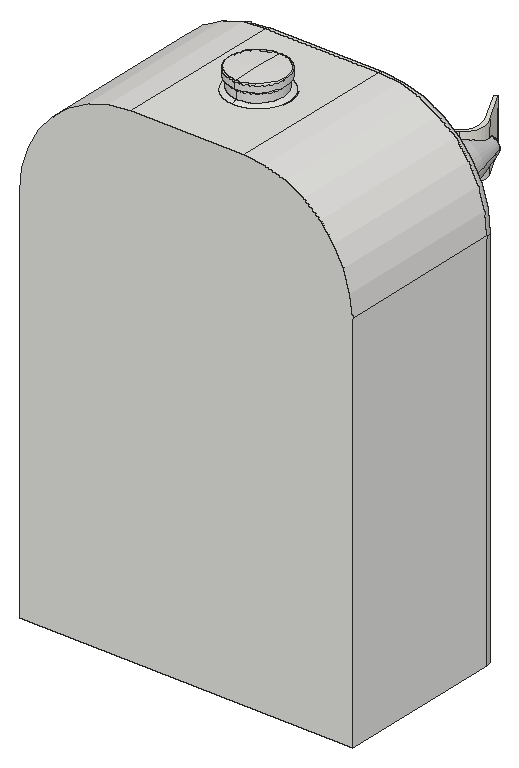
Revit family "Single_Fountain_Non-Filtered_Non-Refrigerated_Stainless-EDFP214C", category Plumbing Fixtures, host Face, Revit 2022
Family settings
  Host = Face
  Round Connector Dimension = Use Diameter
  Part Type = Normal
  OmniClass Number = 23.65.70.14.11
  OmniClass Title = Drinking Fountains/Coolers
  Cut with Voids When Loaded = No
  Maintain Annotation Orientation = No
  Shared = No
  Room Calculation Point = No
Parameters (values of type "EDFP214C (Single Fountain Non-Filtered Non-Refrigerated Stainless)")
  Waste Connection = no
  Ventilation Angle = 83.99°
  Outlet connection Size (inch) = 1.25"
  Inlet Connection Size (inch) = "0.375"
  Connection Outlet B = 0.25"
  Vent Connection = no
  URL = "https://www.elkay.com/us/en.html"
  Connection Supply A = 0.38"
  Repair Parts URL = "https://www.elkayfiles.com/care-cleaning-install-warranty-sheets/97156c.pdf"
  Product data URL = "https://www.bimobject.com/en-in/elkay/product/edfp214c"
  Product Weight (lbs) = 14
  Product Page URL = "https://www.elkay.com/products/details/edfp214c"
  Product Installation Sheet URL = "https://www.elkayfiles.com/care-cleaning-install-warranty-sheets/97156c.pdf"
  Product Documentation Link = "https://www.elkayfiles.com/spec-sheets/edfp214c_spec.pdf"
  Mounting Type = "Wall Mount (Inwall Frame/Plate)"
  Model = "EDFP214C"
  Manufacturer Brand = "Elkay (by Zurn Elkay Water Solutions)"
  Manufacturer = "Elkay Manufacturer Company"
  Main Material = Finish-Elkay-Stainless Steel
  Installation Location = "Indoor"
  HW Connection = no
  Dimensions (L x W x H) = "12 1/8 inch x 18 3/4 inch x 6 1/2 inch"
  Description = "Soft Sides® Single ADA Fountain Non-Filtered Non-Refrigerated Stainless"
  Default Elevation = 48.00"
  Date Created = "11/20/2025"  # constant formula
  Basing_Height = 6.50"
  Base_Height = 27.00"
  Chilling Capacity (GPH) = "0"
  CW Connection = no
  Assembly Code = "D2010"
  Approx. Shipping Weight (lbs) = 16
  Activation Method = "Mechanical Front Bubbler Button"
Reference planes (in)
  plane 1 "Center (Front/Back)": y = 0
  plane 2: z = 0
  plane 3 "Center (Left/Right)": x = 0
  plane 4: z = -1.125
  plane 5: z = 18.21
  plane 6: z = 12.47239
  plane 7: z = 13.45
  plane 8: z = 19.18736
  plane 9: x = -9.875
  plane 10: x = 9.875
  plane 11: y = 27
  plane 12: z = -12
  plane 13: z = -5
  plane 14: z = -3
  plane 15: y = 33.5
Lines and regions (in)
  Masking region 1
    outline origin (0, 0, 0) x (1, 0, 0) y (0, 0, 1)
      loop
        line (6.0625, 0) -> (6.0625, 14.05562)
        arc (6.0625, 14.05562) -> (4.90722, 16.84472) -> (2.11812, 18) r 3.94438
        line (2.11812, 18) -> (1.205, 18) -> (1.205, 18.76178) -> (-1.17, 18.76178) -> (-1.17, 18) -> (-2.03875, 18)
        arc (-2.03875, 18) -> (-4.88397, 16.82147) -> (-6.0625, 13.97625) r 4.02375
        line (-6.0625, 13.97625) -> (-6.0625, 0) -> (6.0625, 0)
  Masking region 2
    outline origin (-40.11393, -5, 48) x (-1, 0, 0) y (0, 0, 1)
      loop
        spline (-41.99255, -30.47586) -> (-42.01154, -30.47589) -> (-42.03053, -30.47598) -> (-42.04952, -30.47611) -> (-42.06851, -30.47631) -> (-42.0875, -30.47656) -> (-42.10648, -30.47686) -> (-42.12547, -30.47723) -> (-42.14446, -30.47764) -> (-42.16344, -30.47811) -> (-42.18242, -30.47864) -> (-42.2014, -30.47923) -> (-42.22038, -30.47987)
        spline (-42.22038, -30.47987) -> (-42.36107, -30.48749) -> (-42.50137, -30.50048) -> (-42.64108, -30.5188) -> (-42.77998, -30.54243) -> (-42.91789, -30.57134) -> (-43.05459, -30.60547) -> (-43.18989, -30.6448) -> (-43.3236, -30.68924) -> (-43.45552, -30.73876) -> (-43.58545, -30.79326) -> (-43.71322, -30.85267) -> (-43.83862, -30.9169)
        arc (-43.83862, -30.9169) -> (-45.14153, -32.05104) -> (-45.82513, -33.6374) r 3.89107
        spline (-45.82513, -33.6374) -> (-45.83328, -33.68301) -> (-45.84086, -33.72871) -> (-45.84788, -33.7745) -> (-45.85432, -33.82037) -> (-45.8602, -33.86632) -> (-45.86551, -33.91234) -> (-45.87025, -33.95843) -> (-45.87441, -34.00456) -> (-45.87801, -34.05075) -> (-45.88103, -34.09698) -> (-45.88347, -34.14324) -> (-45.88534, -34.18952)
        spline (-45.88534, -34.18952) -> (-45.88578, -34.20264) -> (-45.88617, -34.21576) -> (-45.88652, -34.22888) -> (-45.88684, -34.242) -> (-45.88712, -34.25512) -> (-45.88737, -34.26825) -> (-45.88757, -34.28137) -> (-45.88774, -34.29449) -> (-45.88787, -34.30762) -> (-45.88796, -34.32074) -> (-45.88802, -34.33387) -> (-45.88804, -34.34699)
        line (-45.88804, -34.34699) -> (-45.88804, -35.559)
        spline (-45.88804, -35.559) -> (-45.888, -35.59482) -> (-45.88764, -35.63064) -> (-45.88696, -35.66644) -> (-45.88596, -35.70225) -> (-45.88464, -35.73804) -> (-45.883, -35.77382) -> (-45.88103, -35.80958) -> (-45.87875, -35.84532) -> (-45.87615, -35.88104) -> (-45.87323, -35.91674) -> (-45.86999, -35.95241) -> (-45.86643, -35.98805)
        arc (-45.86643, -35.98805) -> (-44.59441, -38.45825) -> (-41.99906, -39.45025) r 3.89108
        line (-41.99906, -39.45025) -> (-37.74042, -39.45025)
        arc (-37.74042, -39.45025) -> (-35.59955, -38.71534) -> (-34.36143, -36.82049) r 3.48572
        spline (-34.36143, -36.82049) -> (-34.34796, -36.7507) -> (-34.33574, -36.68067) -> (-34.32478, -36.61043) -> (-34.31508, -36.54001) -> (-34.30664, -36.46941) -> (-34.29947, -36.39868) -> (-34.29357, -36.32782) -> (-34.28894, -36.25687) -> (-34.28558, -36.18584) -> (-34.28349, -36.11477) -> (-34.28268, -36.04367) -> (-34.28314, -35.97256)
        line (-34.28314, -35.97256) -> (-34.28314, -34.44587)
        spline (-34.28314, -34.44587) -> (-34.28318, -34.4249) -> (-34.28327, -34.40394) -> (-34.28343, -34.38298) -> (-34.28365, -34.36202) -> (-34.28394, -34.34105) -> (-34.28429, -34.32009) -> (-34.2847, -34.29913) -> (-34.28518, -34.27818) -> (-34.28572, -34.25722) -> (-34.28632, -34.23627) -> (-34.28699, -34.21531) -> (-34.28772, -34.19436)
        spline (-34.28772, -34.19436) -> (-34.34006, -33.71381) -> (-34.45146, -33.24343) -> (-34.6202, -32.79044) -> (-34.84369, -32.36181) -> (-35.1185, -31.96413) -> (-35.44041, -31.6035) -> (-35.80446, -31.28548) -> (-36.20506, -31.01494) -> (-36.63606, -30.79605) -> (-37.09083, -30.63216) -> (-37.56238, -30.52581) -> (-38.04347, -30.47862)
        spline (-38.04347, -30.47862) -> (-38.05948, -30.47818) -> (-38.07549, -30.47778) -> (-38.09151, -30.47741) -> (-38.10753, -30.47709) -> (-38.12354, -30.4768) -> (-38.13956, -30.47655) -> (-38.15558, -30.47634) -> (-38.1716, -30.47617) -> (-38.18762, -30.47604) -> (-38.20363, -30.47594) -> (-38.21965, -30.47588) -> (-38.23567, -30.47586)
        line (-38.23567, -30.47586) -> (-41.99255, -30.47586)
  Masking region 3
    outline origin (-40.11393, -5, 48) x (-1, 0, 0) y (0, 0, 1)
      loop
        circle (-40.11393, -37.08239) r 1.02478
      loop
        circle (-44.09143, -32.937) r 0.89696
Dimensions and locks (in)
  equal spacing: plane 9, plane 3 "Center (Left/Right)", plane 10
  locked: plane 9 to plane 10 at 19.75
  locked: level to plane 12 at 12
  locked: level to plane 4 at 1.125
  locked: level to plane 14 at 3
  "Base_Height": plane 11 to plane 1 "Center (Front/Back)"
  "Basing_Height": plane 15 to plane 11
  locked: Masking region 1 sketch curve to Masking region 1 sketch curve at 2.375
  locked: Masking region 1 sketch curve to plane 8 at 0.42558
  aligned and locked: plane 2 to host face
  aligned and locked: level to host face
  aligned and locked: plane 1 "Center (Front/Back)" to host face
  aligned and locked: nested 1 to plane 11
  aligned and locked: plane 3 "Center (Left/Right)" to nested 1
  aligned and locked: host face to nested 1
  aligned and locked: nested 1 to Masking region 1 sketch curve  (x2)
  aligned and locked: Masking region 1 sketch curve to nested 1  (x3)
  aligned and locked: host face to Masking region 1 sketch curve
  aligned and locked: Masking region 2 sketch curve to nested 1
  aligned and locked: nested 1 to Masking region 2 sketch curve
  aligned and locked: Masking region 3 sketch curve to nested 1  (x4)
  aligned and locked: nested 1 to nested 2  (x2)
  aligned and locked: nested 2 to nested 1
Automatic sketch dimensions
  host sketch curve to host sketch curve = 96.00"
  host sketch curve to host sketch curve = 100.00"
  Masking region 2 sketch curve to Masking region 2 sketch curve = 0.22783"
  Masking region 2 sketch curve to plane 10 = 1.61445"
  Masking region 2 sketch curve to Masking region 2 sketch curve = 0.004"
  Masking region 2 sketch curve to Masking region 2 sketch curve = 1.61824"
  plane 7 to Masking region 2 sketch curve = 0.37539"
  Masking region 2 sketch curve to plane 3 "Center (Left/Right)" = 1.27969"
  Masking region 2 sketch curve to Masking region 2 sketch curve = 0.09177"
  Masking region 2 sketch curve to Masking region 2 sketch curve = 0.17106"
  plane 7 to Masking region 2 sketch curve = 0.9126"
  plane 7 to Masking region 2 sketch curve = 0.36048"
  Masking region 2 sketch curve to Masking region 2 sketch curve = 0.06022"
  Masking region 2 sketch curve to Masking region 2 sketch curve = 0.81819"
  Masking region 2 sketch curve to Masking region 2 sketch curve = 0.06193"
  Masking region 2 sketch curve to plane 6 = 0.03139"
  Masking region 2 sketch curve to Masking region 2 sketch curve = 0.15747"
  plane 3 "Center (Left/Right)" to Masking region 2 sketch curve = 1.20644"
  Masking region 2 sketch curve to Masking region 2 sketch curve = 0.9299"
  Masking region 2 sketch curve to Masking region 2 sketch curve = 0.02161"
  Masking region 2 sketch curve to Masking region 2 sketch curve = 0.087"
  Masking region 2 sketch curve to plane 6 = 0.04544"
  Masking region 2 sketch curve to Masking region 2 sketch curve = 0.1004"
  Masking region 2 sketch curve to plane 6 = 0.03156"
  Masking region 2 sketch curve to Masking region 2 sketch curve = 0.10718"
  Masking region 2 sketch curve to plane 6 = 0.43691"
  Masking region 2 sketch curve to plane 6 = 1.29288"
  Masking region 2 sketch curve to Masking region 2 sketch curve = 0.4253"
  Masking region 2 sketch curve to Masking region 2 sketch curve = 0.71424"
  Masking region 2 sketch curve to plane 6 = 0.44495"
  Masking region 2 sketch curve to Masking region 2 sketch curve = 0.07828"
  plane 7 to Masking region 2 sketch curve = 0.10413"
  plane 7 to Masking region 2 sketch curve = 0.10397"
  Masking region 2 sketch curve to Masking region 2 sketch curve = 0.53092"
  plane 3 "Center (Left/Right)" to Masking region 2 sketch curve = 0.67277"
  Masking region 2 sketch curve to Masking region 2 sketch curve = 0.00458"
  plane 3 "Center (Left/Right)" to Masking region 2 sketch curve = 1.08367"
  plane 7 to Masking region 2 sketch curve = 0.17463"
  Masking region 2 sketch curve to Masking region 2 sketch curve = 0.44236"
  Masking region 2 sketch curve to Masking region 2 sketch curve = 0.19221"
  Masking region 2 sketch curve to Masking region 2 sketch curve = 1.05119"
  Masking region 2 sketch curve to Masking region 2 sketch curve = 0.06995"
  Masking region 3 sketch curve to Masking region 3 sketch curve = 0.00"  (x4)
  Masking region 2 sketch curve to Masking region 2 sketch curve = 0.67873"
  plane 7 to Masking region 1 sketch curve = 0.52625"
  Masking region 1 sketch curve to Masking region 1 sketch curve = 0.91312"
Nested families (in)
  nested 1: "EDFP214C" at (0, 27, 10.91761) x (1, 0, 0) z (0, 1, 0), type "EDFP210C"
    with Material Finish-Elkay-Stainless Steel
  nested 2: "Soft side flexi bubbler" at (3.9775, 33.5, 15.063) x (1, 0, 0) z (0, 1, 0), type "Soft side flexi bubbler"
Connectors (in)
  piping at (3.9775, 28.76, 10.91761), diameter 0.38, driven by "Connection Supply A"
    settings: on nested 1, index 1, connector inside diameter 24", connector length 0.00", flow factor 0, pipe flow 0 GPM, pressure drop 0.00 psi, fitting loss kfactor 0, connector angle 0.00°, fixture units 0, engagement length 0.00", angle of deflection 0.00°, flow configuration 0, flow direction 1, fitting loss method 0, system type 20, joint type 0, gender type 0, connector reference index -1, connector utility 0, adjustable connector no, is connector primary yes, connector description "Water Inlet"
  piping at (0, 30.26, 10.66761), diameter 0.25, driven by "Connection Outlet B", driven by "Waste Connection"
    settings: on nested 1, index 2, connector inside diameter 24", connector length 0.00", flow factor 0, pipe flow 0 GPM, pressure drop 0.00 psi, fitting loss kfactor 0, connector angle 0.00°, fixture units 0, engagement length 0.00", angle of deflection 0.00°, flow configuration 0, flow direction 2, fitting loss method 0, system type 16, joint type 0, gender type 0, connector reference index -1, connector utility 0, adjustable connector no, is connector primary no, connector description "Sanitary Outlet"
Definition of nested family "EDFP214C"
  Parameters (values of type "EDFP210C")
    Width_Without_Bubbler = 18.00"
    Width = (Width_Without_Bubbler + Bubbler_Button)  # 18.75"
    Material [instance] = none
    Length = 12.125"
    Height = 6.50"
    Drain_Outlet_Height = 2.25"
    Drain_Loc_Y-Driection = 10.188"
    Drain_Loc_X-Direction = (Length / 2)  # 6.0625"
    Default Elevation = 48.00"
    Bubbler_Loc = 15.063"
    Bubbler_Button = 0.75"
  Reference planes (in)
    plane 1 "Center (Front/Back)": y = 0
    plane 2: z = 0
    plane 3 "Center (Left/Right)": x = 0
    plane 4: x = -6.0625
    plane 5: y = -7.08239
    plane 6: z = 6.19
    plane 7: z = 6.5
    plane 8: x = -1.17
    plane 9: x = -5.9725
    plane 10: x = 5.8875
    plane 11: y = -6.16261
    plane 12: z = 4.7793
    plane 13: x = 3.9775
    plane 14: z = 5.34815
    plane 15: x = -1.17
    plane 16: z = 3.26
    plane 17: z = 1.4
    plane 18: x = 6.0625
    plane 19: y = 10.91761
    plane 20: z = 6.46
    plane 21: x = 3.08054
    plane 22: x = 3.26254
    plane 23: y = -6.99239
    plane 24: y = 2.165
    plane 25: z = 4.83697
    plane 26: x = -1.04887
    plane 27: y = -8.06
    plane 28: z = 2.2285
    plane 29: y = -7.82659
    plane 30: y = -7.76248
    plane 31: z = 2.77607
    plane 32: z = 2.31926
    plane 33: y = -7.43283
    plane 34: z = 2.08701
    plane 35: y = -4.14539
    plane 36: through (3.9775, -4.37, 48) normal (-0.7071, -0.7071, 0)
    plane 37: y = 0.25
    plane 38: y = -7.83239
    plane 39: z = 1.76
  Forms (in)
    Extrusion 1, solid, detail levels coarse+medium
      sketch origin (0.74372, 0, 0) x (1, 0, 0) y (0, 1, 0)
        loop
          line (-6.80622, 10.91761) -> (-6.80622, -2.78989)
          arc (-6.80622, -2.78989) -> (-5.54897, -5.82514) -> (-2.51372, -7.08239) r 4.2925
          line (-2.51372, -7.08239) -> (0, -7.08239) -> (0.86128, -7.08239)
          arc (0.86128, -7.08239) -> (4.01321, -5.77681) -> (5.31878, -2.62489) r 4.4575
          line (5.31878, -2.62489) -> (5.31878, 10.91761) -> (-6.80622, 10.91761)
      from 0 to 6.5
    Sweep 2, solid
      path origin (0, 0, 0) x (1, 0, 0) y (0, 1, 0)
        loop
          line (-6.0625, 10.91761) -> (-6.0625, -3.03989)
          arc (-6.0625, -3.03989) -> (-4.87848, -5.89837) -> (-2.02, -7.08239) r 4.0425
          line (-2.02, -7.08239) -> (2.105, -7.08239)
          arc (2.105, -7.08239) -> (4.90338, -5.92326) -> (6.0625, -3.12489) r 3.9575
          line (6.0625, -3.12489) -> (6.0625, 10.91761)
      profile origin (-6.0625, 3.93886, 0) x (1, 0, 0) y (0, 0, 1)
        loop
          line (0, 6.15) -> (0, 0) -> (3.6875, 0) -> (3.6875, 6.46) -> (0.31, 6.46)
          arc (0.31, 6.46) -> (0.0908, 6.3692) -> (0, 6.15) r 0.31
    Extrusion 3, solid
      sketch origin (0, 0, 0) x (1, 0, 0) y (0, 1, 0)
        loop
          line (-2.375, 10.91761) -> (-2.375, -3.03989)
          arc (-2.375, -3.03989) -> (-2.27102, -3.29091) -> (-2.02, -3.39489) r 0.355
          line (-2.02, -3.39489) -> (2.105, -3.39489)
          arc (2.105, -3.39489) -> (2.29592, -3.3158) -> (2.375, -3.12489) r 0.27
          line (2.375, -3.12489) -> (2.375, 10.91761) -> (-2.375, 10.91761)
      from 0 to 6.46
    Blend 4, void
      base sketch origin (-0.07, 0, 0) x (1, 0, 0) y (0, 1, 0)
        loop
          arc (2, -6.99239) -> (4.79838, -5.83326) -> (5.9575, -3.03489) r 3.9575
          line (5.9575, -3.03489) -> (5.9575, -1.7925)
          arc (5.9575, -1.7925) -> (4.79838, 1.00588) -> (2, 2.165) r 3.9575
          line (2, 2.165) -> (-2.36, 2.165)
          arc (-2.36, 2.165) -> (-4.86493, 1.12743) -> (-5.9025, -1.3775) r 3.5425
          line (-5.9025, -1.3775) -> (-5.9025, -2.94989)
          arc (-5.9025, -2.94989) -> (-4.71848, -5.80837) -> (-1.86, -6.99239) r 4.0425
          line (-1.86, -6.99239) -> (2, -6.99239)
      top sketch origin (-0.07, 0, 0) x (1, 0, 0) y (0, 1, 0)
        loop
          arc (-1.03, 0) -> (-0.70782, -0.77782) -> (0.07, -1.1) r 1.1
          arc (0.07, -1.1) -> (0.84782, -0.77782) -> (1.17, 0) r 1.1
          arc (1.17, 0) -> (0.84782, 0.77782) -> (0.07, 1.1) r 1.1
          arc (0.07, 1.1) -> (-0.70782, 0.77782) -> (-1.03, 0) r 1.1
      from 6.5 to 4.7793
    Revolve 5, solid
      sketch origin (-12.61778, -4.14539, 48) x (-1, 0, 0) y (0, 0, 1)
        loop
          line (-16.59528, -41.5) -> (-16.59528, -42.65185) -> (-14.99278, -42.65185) -> (-15.69832, -41.59038)
          arc (-15.69832, -41.59038) -> (-15.77872, -41.52384) -> (-15.88033, -41.5) r 0.22845
          line (-15.88033, -41.5) -> (-16.59528, -41.5)
        axis (-16.59528, -41.5) -> (-16.59528, -42.65185)
      angle from 0 to 360
    Revolve 6, void
      sketch origin (0, 0, 0) x (1, 0, 0) y (0, 0, 1)
        loop
          arc (-1.09, 4.7793) -> (-1.04388, 4.7602) -> (-1.02478, 4.71408) r 0.06522
          line (-1.02478, 4.71408) -> (-1.02478, 1.4) -> (0, 1.4) -> (0, 4.7793) -> (-1.09, 4.7793)
        axis (0, 4.7793) -> (0, 1.4)
      angle from 0 to 360
    Revolve 7, solid
      sketch origin (0, 0, 0) x (1, 0, 0) y (0, 0, 1)
        loop
          arc (0, 4.83273) -> (-0.42243, 4.8394) -> (-0.8437, 4.80737) r 4.60891
          arc (-0.8437, 4.80737) -> (-0.95035, 4.78213) -> (-1.04887, 4.73411) r 0.49648
          line (-1.04887, 4.73411) -> (-1.04887, 4.55081) -> (0, 4.43898) -> (0, 4.83273)
        axis (0, 4.83273) -> (0, 4.43898)
      angle from 0 to 360
    Revolve 8, solid
      sketch origin (0, 0, 0) x (0, 1, 0) y (0, 0, 1)
        loop
          line (-7.76254, 2.2285) -> (-7.54319, 2.2285) -> (-7.54319, 2.77607) -> (-7.47907, 2.77607) -> (-7.47907, 2.34398)
          arc (-7.47907, 2.34398) -> (-7.47156, 2.32623) -> (-7.4536, 2.31926) r 0.02473
          line (-7.4536, 2.31926) -> (-7.14942, 2.31926)
          arc (-7.14942, 2.31926) -> (-7.11736, 2.19728) -> (-7.05615, 2.08701) r 0.50646
          line (-7.05615, 2.08701) -> (-6.995, 2.08701) -> (-6.995, 3.26) -> (-7.83239, 3.26)
          arc (-7.83239, 3.26) -> (-7.8339, 2.75812) -> (-7.79312, 2.25791) r 5.9504
          arc (-7.79312, 2.25791) -> (-7.78375, 2.23705) -> (-7.76254, 2.2285) r 0.0306
        axis (-6.995, 3.26) -> (-7.83239, 3.26)
      angle from 0 to 360
    Extrusion 9, solid, detail levels coarse+medium
      sketch origin (0, 0, 0) x (1, 0, 0) y (0, 0, 1)
        loop
          circle (0, 3.26) r 1.18016
      from 7.08239 to 7.83239
    Extrusion 10, solid
      sketch origin (0, 0, 0) x (1, 0, 0) y (0, 0, 1)
        loop
          circle (0, 3.26) r 0.625
        loop
          circle (3.9775, 1.76) r 0.1875
      from -0.25 to 0
  Cuts and joins
    Blend 4, Revolve 6 cuts Extrusion 1
    Blend 4, Revolve 6 cuts Sweep 2
    Blend 4, Revolve 6 cuts Extrusion 3
    joined: Sweep 2, Extrusion 3
  Dimensions and locks (in)
    plane 4 to plane 3 "Center (Left/Right)" = 6.0625"
    plane 1 "Center (Front/Back)" to plane 5 = 7.08239"
    locked: plane 6 to level at 6.19
    "Height": plane 7 to level
    locked: plane 16 to level at 3.26
    locked: plane 4 to plane 9 at 0.09
    locked: plane 10 to plane 13 at 1.91
    locked: plane 16 to plane 12 at 1.5193
    locked: plane 12 to plane 14 at 0.56885
    locked: plane 17 to level at 1.4
    "Length": plane 4 to plane 18
    locked: plane 13 to plane 18 at 2.085
    locked: plane 7 to plane 20 at 0.04
    locked: plane 22 to plane 21 at 0.182
    locked: plane 5 to plane 23 at 0.09
    locked: plane 25 to plane 12 at 0.05767
    locked: plane 26 to plane 15 at 0.12113
    locked: plane 17 to plane 28 at 0.8285
    locked: plane 28 to plane 31 at 0.54757
    locked: plane 28 to plane 32 at 0.09075
    locked: plane 17 to plane 34 at 0.68701
    locked: Revolve 6 sketch curve to Revolve 6 sketch curve at 1.02478
    locked: Revolve 6 sketch curve to Revolve 6 sketch curve at 3.31408
    locked: Revolve 6 sketch curve to Revolve 6 sketch curve at 0.06522
    locked: Revolve 6 sketch curve to Revolve 6 sketch curve at 1.09
    locked: Revolve 6 sketch curve to plane 15 at 0.14522
    "Bubbler_Loc": plane 19 to plane 35
    plane 19 to plane 1 "Center (Front/Back)" = 10.91761"
    locked: plane 1 "Center (Front/Back)" to plane 37 at 0.25
    "Width_Without_Bubbler": plane 19 to plane 5
    "Bubbler_Button": plane 5 to plane 38
    locked: plane 38 to plane 30 at 0.06991
    locked: plane 30 to plane 33 at 0.32965
    locked: Revolve 8 sketch curve to Revolve 8 sketch curve at 0.06412
    locked: plane 33 to Revolve 8 sketch curve at 0.43783
    locked: plane 16 to plane 39 at 1.5
    locked: plane 35 to plane 36 (angle 135.00°)
    aligned and locked: plane 2 to level
    aligned and locked: Extrusion 1 to level
    aligned and locked: Extrusion 3 sketch curve to Sweep 2
    aligned and locked: Extrusion 3 to level
    aligned and locked: Blend 4 to plane 7
    aligned and locked: cut or joined group of Extrusion 1, Blend 4, Revolve 6 to plane 12
    aligned and locked: plane 7 to cut or joined group of Extrusion 1, Blend 4, Revolve 6
    aligned and locked: cut or joined group of Extrusion 1, Blend 4, Revolve 6 to plane 17
    aligned and locked: plane 5 to Extrusion 9
    aligned and locked: Sweep 2 sketch curve to plane 18
    aligned and locked: Extrusion 1 sketch curve to plane 18
    aligned and locked: plane 4 to Extrusion 1 sketch curve
    aligned and locked: Extrusion 1 sketch curve to plane 5
    aligned and locked: plane 19 to Sweep 2 sketch curve  (x2)
    aligned and locked: Extrusion 1 sketch curve to plane 19
    aligned and locked: Extrusion 3 sketch curve to plane 19
    aligned and locked: Sweep 2 sketch curve to profile plane
    aligned and locked: plane 20 to Sweep 2 sketch curve
    aligned and locked: Sweep 2 sketch curve to level
    aligned and locked: Sweep 2 sketch curve to plane 4
    aligned and locked: Sweep 2 sketch curve to plane 5
    aligned and locked: Extrusion 3 sketch curve to cut or joined group of Sweep 2, Extrusion 3, Blend 4, Revolve 6
    aligned and locked: Revolve 5 sketch curve to plane 14
    aligned and locked: cut or joined group of Extrusion 1, Blend 4, Revolve 6 to Revolve 5 sketch curve
    aligned and locked: plane 21 to Revolve 5 sketch curve
    aligned and locked: plane 22 to Revolve 5 sketch curve
    aligned and locked: Revolve 5 sketch curve to plane 13
    aligned and locked: plane 1 "Center (Front/Back)" to Blend 4 sketch curve  (x3)
    aligned and locked: plane 9 to Blend 4 sketch curve
    aligned and locked: Blend 4 sketch curve to plane 10
    aligned and locked: Blend 4 sketch curve to plane 23
    aligned and locked: plane 24 to Blend 4 sketch curve
    aligned and locked: Blend 4 to plane 12
    aligned and locked: plane 26 to Revolve 7 sketch curve  (x2)
    aligned and locked: plane 16 to Revolve 8 sketch curve  (x2)
    aligned and locked: plane 28 to Revolve 8 sketch curve
    aligned and locked: Revolve 8 sketch curve to plane 31
    aligned and locked: plane 32 to Revolve 8 sketch curve
    aligned and locked: plane 34 to Revolve 8 sketch curve  (x2)
    aligned and locked: Revolve 6 sketch curve to plane 17
    aligned and locked: Revolve 6 sketch curve to plane 3 "Center (Left/Right)"
    aligned and locked: plane 3 "Center (Left/Right)" to Blend 4 sketch curve
    aligned and locked: Revolve 7 sketch curve to plane 3 "Center (Left/Right)"  (x2)
    aligned and locked: plane 1 "Center (Front/Back)" to Extrusion 10
    aligned and locked: plane 37 to Extrusion 10
    aligned and locked: Extrusion 9 to plane 38
    aligned and locked: plane 38 to Revolve 8 sketch curve
    aligned and locked: plane 39 to Extrusion 10 sketch curve
    aligned and locked: plane 13 to Extrusion 10 sketch curve
  Automatic sketch dimensions
    plane 3 "Center (Left/Right)" to Extrusion 1 sketch curve = 0.74372"
    Sweep 2 sketch curve to profile plane = 0.31"
    plane 8 to Blend 4 sketch curve = 0.07"
    Extrusion 9 sketch curve to plane 3 "Center (Left/Right)" = 0.00"
    Extrusion 9 sketch curve to plane 16 = 0.00"
    Extrusion 1 sketch curve to plane 8 = 0.60"
    Sweep 2 sketch curve to plane 8 = 0.85"
    Sweep 2 sketch curve to Sweep 2 sketch curve = 3.3775"
    Blend 4 sketch curve to plane 8 = 1.26"
    Blend 4 sketch curve to plane 8 = 0.76"
    plane 3 "Center (Left/Right)" to Extrusion 1 sketch curve = 1.605"
    Sweep 2 sketch curve to plane 13 = 1.8725"
    Extrusion 3 sketch curve to Extrusion 3 sketch curve = 0.27"
    plane 3 "Center (Left/Right)" to Blend 4 sketch curve = 1.93"  (x2)
    Revolve 5 sketch curve to plane 13 = 0.00"
    Revolve 5 sketch curve to plane 21 = 0.70554"
    plane 6 to Revolve 5 sketch curve = 0.08155"
    plane 12 to Revolve 5 sketch curve = 0.07072"
    Revolve 5 sketch curve to Revolve 5 sketch curve = 0.53215"
    Revolve 6 sketch curve to level = 0.85492"
    Revolve 6 sketch curve to plane 14 = 0.20307"
    plane 26 to Revolve 7 sketch curve = 0.26546"
    Revolve 7 sketch curve to plane 3 "Center (Left/Right)" = 0.28397"
    Revolve 7 sketch curve to plane 12 = 0.04518"
    Revolve 7 sketch curve to Revolve 7 sketch curve = 0.18331"
    Revolve 7 sketch curve to plane 12 = 0.34032"
    Revolve 7 sketch curve to Revolve 7 sketch curve = 0.23624"
    level to Revolve 7 sketch curve = 0.23258"
    Revolve 7 sketch curve to Revolve 7 sketch curve = 0.53302"
    Revolve 7 sketch curve to plane 25 = 0.21929"
    plane 25 to Revolve 7 sketch curve = 0.00424"
    Revolve 8 sketch curve to plane 30 = 0.00006"
    Revolve 8 sketch curve to plane 32 = 0.02472"
    Revolve 8 sketch curve to plane 33 = 0.04624"
    Revolve 8 sketch curve to Revolve 8 sketch curve = 0.02473"
    Revolve 8 sketch curve to plane 5 = 0.06704"
    plane 5 to Revolve 8 sketch curve = 0.02623"
    Revolve 8 sketch curve to plane 32 = 0.06677"
    plane 31 to Revolve 8 sketch curve = 0.21505"
    plane 1 "Center (Front/Back)" to Revolve 8 sketch curve = 1.88806"
    Revolve 8 sketch curve to Revolve 8 sketch curve = 0.0306"
    Revolve 8 sketch curve to plane 27 = 0.10585"
    Revolve 8 sketch curve to Revolve 8 sketch curve = 1.75"
    Extrusion 10 sketch curve to plane 3 "Center (Left/Right)" = 0.00"
    Extrusion 10 sketch curve to plane 16 = 0.00"
    radius of Extrusion 9 sketch curve = 1.18016"
    radius of Extrusion 10 sketch curve = 0.625"
    radius of Extrusion 10 sketch curve = 0.1875"
Definition of nested family "Soft side flexi bubbler"
  Parameters (values of type "Soft side flexi bubbler")
    Width = 1.73228"
    Repair Parts URL = ""
    R5 = 2.43553"
    R4 = 0.27768"
    R3 = 0.06515"
    R2 = 0.83542"
    R1 = 8.14279"
    Product data URL = ""
    Product Page URL = ""
    Product Installation Sheet URL = ""
    Product Documentation Link = ""
    Modified Date = ""
    Manufacturer Brand = ""
    Main Material = none
    Flow Rate (GPM) = 0 GPM
    Default Elevation = 48.00"
    Date Created = ""
    C1 = 0.70913"
    B3 = 0.02457"
    B2 = 0.84908"
    B1 = 0.70913"
  Reference planes (in)
    plane 1 "Center (Front/Back)": y = 0
    plane 2: z = 0
    plane 3 "Center (Left/Right)": x = 0
    plane 4: y = 0.86614
    plane 5: y = -0.86614
    plane 6: z = 2.43553
  Forms (in)
    Revolve 1, solid, material <- "Main Material", detail levels fine
      sketch origin (0, 0, 0) x (1, 0, 0) y (0, 0, 1)
        loop
          line (0, 0) -> (0.83542, 0) -> (0.83542, 0.04012)
          arc (0.83542, 0.04012) -> (0.67418, 1.23507) -> (0.33825, 2.39311) r 8.14279
          arc (0.33825, 2.39311) -> (0.31457, 2.42375) -> (0.27768, 2.43553) r 0.06515
          line (0.27768, 2.43553) -> (0, 2.43553) -> (0, 0)
        axis (0, 2.43553) -> (0, 0)
      angle from 0 to 360
    Extrusion 2, solid
      sketch origin (0, 0, 0) x (1, 0, 0) y (0, 0, 1)
        loop
          line (-0.76217, 3.49537) -> (-0.10679, 2.26207)
          arc (-0.10679, 2.26207) -> (-0.03691, 1.79391) -> (-0.27718, 1.38608) r 0.70913
          line (-0.27718, 1.38608) -> (-1.0634, 0.72636)
          arc (-1.0634, 0.72636) -> (-1.07177, 0.71201) -> (-1.0691, 0.69562) r 0.02457
          line (-1.0691, 0.69562) -> (-1.0485, 0.65847)
          arc (-1.0485, 0.65847) -> (-1.03275, 0.64681) -> (-1.01362, 0.65105) r 0.02362
          line (-1.01362, 0.65105) -> (-0.19804, 1.26564)
          arc (-0.19804, 1.26564) -> (0.12178, 1.76856) -> (0.03226, 2.35779) r 0.84908
          line (0.03226, 2.35779) -> (-0.645, 3.57032)
          arc (-0.645, 3.57032) -> (-0.66097, 3.58229) -> (-0.68055, 3.57847) r 0.02457
          line (-0.68055, 3.57847) -> (-0.75468, 3.52655)
          arc (-0.75468, 3.52655) -> (-0.76433, 3.51238) -> (-0.76217, 3.49537) r 0.0242
      from 0.86614 to -0.86614
    Extrusion 3, void
      sketch origin (0, 0, 0) x (-1, 0, 0) y (0, 0, 1)
        loop
          arc (0.0238, 2.27009) -> (-0.0478, 1.80074) -> (0.19275, 1.39142) r 0.70913
          line (0.19275, 1.39142) -> (1.85098, 0) -> (2.23979, 0) -> (2.23979, 3.86814) -> (0.88181, 3.86814) -> (0.0238, 2.27009)
      from -0.86614 to 0.86614
    Extrusion 4, solid, material <- "Main Material", detail levels coarse+medium
      sketch origin (0, 0, 0) x (1, 0, 0) y (0, 1, 0)
        loop
          circle (0, 0) r 0.83542
      from 0 to 2.43553
  Cuts and joins
    Extrusion 3 cuts Revolve 1
  Dimensions and locks (in)
    "R2": Revolve 1 sketch curve to plane 3 "Center (Left/Right)"
    "R4": Revolve 1 sketch curve to plane 3 "Center (Left/Right)"
    equal spacing: plane 4, plane 1 "Center (Front/Back)", plane 5
    plane 4 to plane 1 "Center (Front/Back)" = 0.86614"
    "Width": plane 4 to plane 5
    Extrusion 2 sketch curve to Extrusion 2 sketch curve = 0.13864"
    locked: Extrusion 2 sketch curve to Extrusion 2 sketch curve at 0.16881
    locked: Extrusion 2 sketch curve to Extrusion 2 sketch curve at 0.14411
    locked: Extrusion 2 sketch curve to Extrusion 2 sketch curve at 0.09027
    locked: plane 3 "Center (Left/Right)" to Extrusion 3 sketch curve at 2.23979
    locked: Extrusion 3 sketch curve to plane 2 at 3.86814
    locked: Extrusion 3 sketch curve to Extrusion 3 sketch curve at 3.02622
    locked: Extrusion 3 sketch curve to Extrusion 3 sketch curve at 0.24992
    "R5": plane 6 to plane 2
    "R1": radius of Revolve 1 sketch curve
    "R3": radius of Revolve 1 sketch curve
    "B1": radius of Extrusion 2 sketch curve
    "B2": radius of Extrusion 2 sketch curve
    "B3": radius of Extrusion 2 sketch curve  (x2)
    "C1": radius of Extrusion 3 sketch curve
    "R2": radius of Extrusion 4 sketch curve
    aligned and locked: plane 2 to level
    aligned and locked: Revolve 1 sketch curve to plane 3 "Center (Left/Right)"
    aligned and locked: Revolve 1 sketch curve to plane 2
    aligned and locked: plane 4 to Extrusion 2
    aligned and locked: Extrusion 2 to plane 5
    aligned and locked: Extrusion 3 sketch curve to Extrusion 3 sketch curve
    aligned and locked: Extrusion 3 sketch curve to plane 2
    aligned and locked: Extrusion 2 to Extrusion 3
    aligned and locked: Extrusion 3 to Extrusion 2
    aligned and locked: plane 1 "Center (Front/Back)" to Extrusion 4 sketch curve
    aligned and locked: plane 3 "Center (Left/Right)" to Extrusion 4 sketch curve
    aligned and locked: Extrusion 4 to plane 2
    aligned and locked: plane 6 to Revolve 1 sketch curve
    aligned and locked: plane 6 to Extrusion 4
  Automatic sketch dimensions
    Revolve 1 sketch curve to plane 3 "Center (Left/Right)" = 0.00"
    Revolve 1 sketch curve to level = 0.44826"
    Revolve 1 sketch curve to plane 3 "Center (Left/Right)" = 7.29271"
    Revolve 1 sketch curve to Revolve 1 sketch curve = 0.00048"
    Revolve 1 sketch curve to Revolve 1 sketch curve = 1.37749"
    Revolve 1 sketch curve to Revolve 1 sketch curve = 0.61691"
    level to Extrusion 2 sketch curve = 0.69562"
    Extrusion 2 sketch curve to plane 3 "Center (Left/Right)" = 1.0691"
    level to Extrusion 2 sketch curve = 0.72636"
    Extrusion 2 sketch curve to Extrusion 2 sketch curve = 0.0057"
    level to Extrusion 2 sketch curve = 0.65847"
    Extrusion 2 sketch curve to Extrusion 2 sketch curve = 0.02066"
    Extrusion 2 sketch curve to plane 3 "Center (Left/Right)" = 0.76217"
    Extrusion 2 sketch curve to Extrusion 2 sketch curve = 0.00749"
    Extrusion 2 sketch curve to Extrusion 2 sketch curve = 0.01388"
    Extrusion 3 sketch curve to plane 3 "Center (Left/Right)" = 0.19275"
    Extrusion 3 sketch curve to plane 3 "Center (Left/Right)" = 0.0238"
    Extrusion 2 sketch curve to Extrusion 2 sketch curve = 0.3304"
